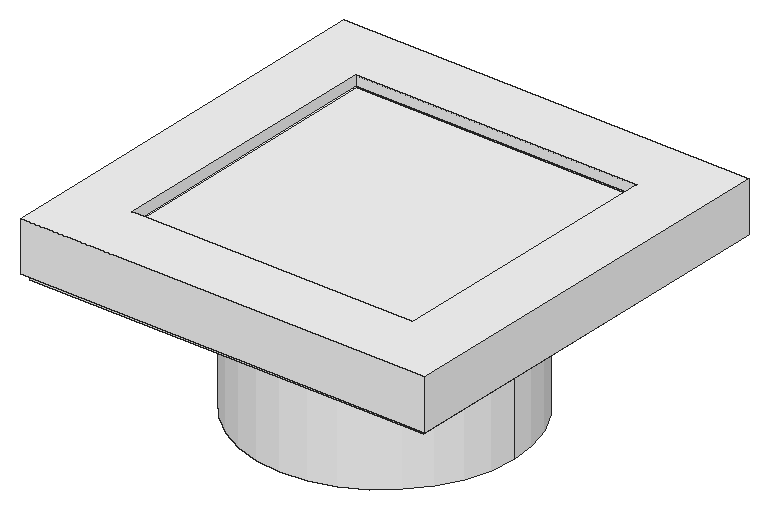
Revit family "Gira_291403", category Electrical Fixtures, host Face, Revit 2017
Family settings
  Host = Face
  Maintain Annotation Orientation = Yes
  Round Connector Dimension = Use Diameter
  Part Type = Normal
  Cut with Voids When Loaded = No
  Shared = No
  Room Calculation Point = No
Parameters (values of type "Notrufset System 55 Reinweiß")
  Zusammenstellung = "Basiselement"
  White [instance] = White
  Werkstoffgüte = "sonstige"
  Werkstoff = "sonstige"
  URL = "http://katalog.gira.de/de_DE/datenblatt.html?artikelnr=291403"
  Tasterfunktion = "Ruf auslösen/abstellen"
  Region = "DE"
  Name = "Notrufset System 55 Reinweiß"
  Model = "Sys55_Komplettgerät_Schalten und Tasten"
  Manufacturer URL = "https://www.gira.de/"
  HeinzeBIM = "https://bimportal.heinze.de/bim/notrufset-system-55-reinweiss/36fc9ce704becdd2afb9563b4656725036937e8e"
  HAN = "291403"
  Geeignet für = "Notruf"
  GTIN = "4010337067900"
  Farbe = "weiß"
  Default Elevation = 1219.2 mm
  Data sheet (1) = "https://katalog.gira.de/de_DE/download.html?artikelnr=291403"
  Category = "Ruf-, Bedienervorrichtung Klinikinstallation"
  Busfähig = "2-Draht"
  Bauart = "Wandgerät"
  Available = "Yes"
  Art der Spannungsversorgung = "Bus-System"
Reference planes
  plane 1 "Center (Front/Back)": y = 0
  plane 2: z = 0
  plane 3 "Center (Left/Right)": x = 0
Forms (mm)
  Extrusion 1, solid, material "White" <- "White", detail levels medium
    sketch origin (0, 0, 0) x (1, 0, 0) y (0, 1, 0)
      loop
        line (-40.4, 40.4) -> (-40.4, -40.4) -> (40.4, -40.4) -> (40.4, 40.4) -> (-40.4, 40.4)
      loop
        line (-28, 28) -> (-28, -28) -> (28, -28) -> (28, 28) -> (-28, 28)
    from 0 to 10
  Extrusion 2, solid, material "White" <- "White", detail levels fine
    sketch origin (0, 0, 0) x (1, 0, 0) y (0, 1, 0)
      loop
        line (-40.4, 40.4) -> (-40.4, -40.4) -> (40.4, -40.4) -> (40.4, 40.4) -> (-40.4, 40.4)
      loop
        line (-28, 28) -> (-28, -28) -> (28, -28) -> (28, 28) -> (-28, 28)
    from 0 to 10
  Extrusion 3, void
    sketch origin (0, 0, 0) x (1, 0, 0) y (0, 1, 0)
      loop
        line (-38.4, 38.4) -> (-38.4, -38.4) -> (38.4, -38.4) -> (38.4, 38.4) -> (-38.4, 38.4)
    from 0 to 8
  Extrusion 4, solid, material "White" <- "White", detail levels medium+fine
    sketch origin (0, 0, 0) x (1, 0, 0) y (0, 1, 0)
      loop
        line (-39.4, 39.4) -> (-39.4, -39.4) -> (39.4, -39.4) -> (39.4, 39.4) -> (-39.4, 39.4)
    from 0 to -1
  Extrusion 5, solid, material "White" <- "White", detail levels medium+fine
    sketch origin (0, 0, 0) x (1, 0, 0) y (0, 1, 0)
      loop
        line (-35.5, 35.5) -> (-35.5, -35.5) -> (35.5, -35.5) -> (35.5, 35.5) -> (-35.5, 35.5)
    from -2 to -3
  Extrusion 6, solid, material "White" <- "White", detail levels medium+fine
    sketch origin (0, 0, 0) x (1, 0, 0) y (0, 1, 0)
      loop
        circle (0, 0) r 26
    from 0 to -27.5
  Extrusion 7, solid, material "White" <- "White", detail levels coarse
    sketch origin (0, 0, 0) x (1, 0, 0) y (0, 1, 0)
      loop
        line (-40.4, 40.4) -> (-40.4, -40.4) -> (40.4, -40.4) -> (40.4, 40.4) -> (-40.4, 40.4)
    from -27.5 to 10
Cuts and joins
  Extrusion 3 cuts Extrusion 2
Dimensions and locks
  aligned and locked: plane 2 to host face
  aligned and locked: level to host face
  aligned and locked: plane 3 "Center (Left/Right)" to nested 2
  aligned and locked: plane 1 "Center (Front/Back)" to nested 2
Nested families
  nested 1: "Sys55_Abdeckung_Schalten und Tasten_floor_base" at (0, 0, 0), type "Sys55_Abdeckung_Schalten und Tasten_floor_base"
  nested 2: "Schalter" at (0, 0, 0), type "Schalter"
Connectors
  electrical at (0, 0, -27.5)
    settings: on Extrusion 6, index 1, voltage 220 V, apparent load 0 VA, apparent load phase1 0 VA, apparent load phase2 0 VA, apparent load phase3 0 VA, power factor 1, load classification "Other", number of poles 1, system type 30, power factor state 1, is connector primary yes, connector utility no, sub classification motor no, connector description ""
Definition of nested family "Sys55_Abdeckung_Schalten und Tasten_floor_base"
  Parameters
    Default Elevation = 1219.2 mm
    White [instance] = none
  Reference planes
    plane 1 "Center (Front/Back)": y = 0
    plane 2: z = 0
    plane 3 "Center (Left/Right)": x = 0
  Forms (mm)
    Extrusion 1, solid
      sketch origin (0, 0, 0) x (1, 0, 0) y (0, 1, 0)
        loop
          line (-1219.2, 1219.2) -> (-1219.2, -1219.2) -> (1219.2, -1219.2) -> (1219.2, 1219.2) -> (-1219.2, 1219.2)
      from 0 to -304.8
    Extrusion 2, solid, material <- "White", detail levels fine
      sketch origin (0, 0, 0) x (1, 0, 0) y (0, 1, 0)
        loop
          line (-27.5, 27.5) -> (-27.5, -27.5) -> (27.5, -27.5) -> (27.5, 27.5) -> (-27.5, 27.5)
      from 0 to 8
    Extrusion 3, void
      sketch origin (0, 0, 0) x (1, 0, 0) y (0, 1, 0)
        loop
          line (26, 26) -> (-26, 26) -> (-26, -26) -> (26, -26) -> (26, 26)
      from 0 to 6
    Extrusion 4, solid, material <- "White", detail levels medium
      sketch origin (0, 0, 0) x (1, 0, 0) y (0, 1, 0)
        loop
          line (-27.5, 27.5) -> (-27.5, -27.5) -> (27.5, -27.5) -> (27.5, 27.5) -> (-27.5, 27.5)
      from 0 to 8
    Extrusion 5, solid, material <- "White", detail levels medium
      sketch origin (0, 0, 0) x (1, 0, 0) y (0, 1, 0)
        loop
          line (11, -17.5) -> (11, 17.5) -> (-11, 17.5) -> (-11, -17.5) -> (11, -17.5)
      from -6 to 6
    Extrusion 6, solid, material <- "White", detail levels fine
      sketch origin (0, 0, 0) x (1, 0, 0) y (0, 1, 0)
        loop
          line (11, 17.5) -> (-11, 17.5) -> (-11, 16.5) -> (11, 16.5) -> (11, 17.5)
        loop
          line (-11, -16.5) -> (-11, -17.5) -> (11, -17.5) -> (11, -16.5) -> (-11, -16.5)
      from -4 to 6
    Extrusion 7, solid, material <- "White", detail levels fine
      sketch origin (0, 0, 0) x (1, 0, 0) y (0, 1, 0)
        loop
          arc (5, 9.347) -> (0, 10.6) -> (-5, 9.347) r 10.6
          line (-5, 9.347) -> (-5, -9.347)
          arc (-5, -9.347) -> (0, -10.6) -> (5, -9.347) r 10.6
          line (5, -9.347) -> (5, 9.347)
      from -6 to 6
    Extrusion 8, solid, material <- "White", detail levels coarse
      sketch origin (0, 0, 0) x (1, 0, 0) y (0, 1, 0)
        loop
          line (-27.5, 27.5) -> (-27.5, -27.5) -> (27.5, -27.5) -> (27.5, 27.5) -> (-27.5, 27.5)
      from -6 to 8
  Cuts and joins
    Extrusion 3 cuts Extrusion 2
  Dimensions and locks
    aligned and locked: plane 2 to Extrusion 1
    aligned and locked: level to Extrusion 1
Definition of nested family "Schalter"
  Reference planes
    plane 1: y = 0
    plane 2: x = 0
  Lines and regions (mm)
    detail lines
      curve 1: circle (1.375, 2.778, 0) r 0.8 normal (0, 0, 1)
      curve 2: line (1.021, 2.061, 0) -> (0, 0, 0)
      curve 3: line (0, 0, 0) -> (-0.538, 0.266, 0)
  Dimensions and locks
    curve 2 to curve 2 = 2.3 mm
    curve 3 to curve 2 = 0.6 mm
    radius of curve 1 = 0.8 mm
